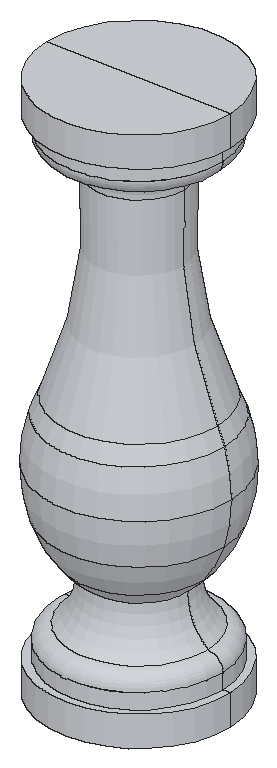
Revit family
Parameters (values of type "Balustrade G18")
  Width = 0' - 6"
  URL = "www.strombergarchitectural.com"
  Top Material = none
  Submittal Sheet = "www.strombergarchitectural.com/images/materials/gfrc/submittal/gfrc-submittal-sheet.pdf"
  Specifications = "www.strombergarchitectural.com/gfrcspecifications"
  Model Cut-sheet = "http://www.strombergarchitectural.com/products/balustrade/design/G18"
  Model = "Balustrade G18"
  Manufacturer = "Stromberg Architectural Products"
  Guidebook = "www.strombergarchitectural.com/images/materials/gfrc/handbooks/gfrc_guidebook.pdf   \r\n(http://www.strombergarchitectural.com/images/materials/gfrc/handbooks/gfrc_guidebook.pdf"
  Description = "GFRC Baluster"
  Assembly Code = ""
  Height = 1' - 6"
  XXX.5 = no
  XXX.4 = no
  XXX.3 = no
  XXX.2 = no
  XXX.1 = yes
Reference planes (in)
  plane 1 "Center (Front/Back)": y = 3.74847
  plane 2: z = 0
  plane 3 "Center (Left/Right)": x = 0.7278
  plane 4 "Front": y = -3.25153
  plane 5 "Back": y = 10.74847
  plane 6 "Left": x = -17.2722
  plane 7 "Right": x = 18.7278
Forms (in)
  Revolve 1, solid
    sketch origin (0, 3.74847, 0) x (1, 0, 0) y (0, 0, 1)
      loop
        line (0.7278, 18) -> (-2.2722, 18) -> (-2.2722, 17) -> (-2.0222, 17) -> (-2.0222, 16.5)
        arc (-2.0222, 16.5) -> (-1.87575, 16.14645) -> (-1.5222, 16) r 0.5
        arc (-1.5222, 16) -> (-0.99187, 15.78033) -> (-0.7722, 15.25) r 0.75
        arc (-0.7722, 15.25) -> (-0.88261, 11.90051) -> (-1.84909, 8.6916) r 12.9461
        arc (-1.84909, 8.6916) -> (-1.97339, 8.4267) -> (-2.07701, 8.15305) r 3.81235
        arc (-2.07701, 8.15305) -> (-2.2569, 7.42637) -> (-2.31739, 6.6802) r 4.63224
        arc (-2.31739, 6.6802) -> (-2.2569, 5.93404) -> (-2.07701, 5.20736) r 4.63224
        arc (-2.07701, 5.20736) -> (-1.80434, 4.58483) -> (-1.42548, 4.02061) r 3.81235
        arc (-1.42548, 4.02061) -> (-1.17372, 3.74457) -> (-0.89128, 3.5) r 3.17631
        arc (-0.89128, 3.5) -> (-1.03282, 2.67685) -> (-1.5222, 2) r 1.8487
        arc (-1.5222, 2) -> (-1.87575, 1.85355) -> (-2.0222, 1.5) r 0.5
        line (-2.0222, 1.5) -> (-2.0222, 1) -> (-2.2722, 1) -> (-2.2722, 0) -> (0.7278, 0) -> (0.7278, 18)
      axis (0.7278, 18) -> (0.7278, 0)
    angle from 0 to 360
Dimensions and locks (in)
  aligned and locked: level to plane 2
